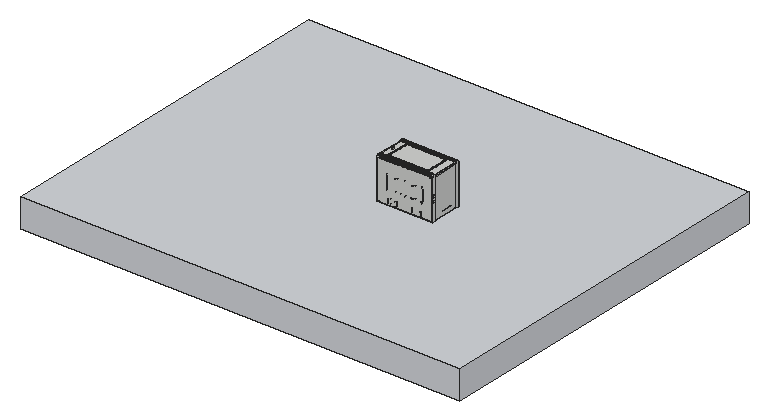
Revit family "ШТ-НСр 600х450", category Обобщенные модели, Revit 2019 (continued)
Definition of nested family "Крышка 450"
  Automatic sketch dimensions
    Extrusion 4 sketch curve to plane 5 = 0 mm  (x2)
    plane 6 to Extrusion 4 sketch curve = 0 mm  (x2)
    plane 5 to Extrusion 4 sketch curve = 3.029 mm
    Extrusion 4 sketch curve to Extrusion 4 sketch curve = 0 mm  (x2)
    Extrusion 5 sketch curve to plane 4 = 0 mm  (x2)
    plane 6 to Extrusion 5 sketch curve = 0 mm  (x2)
    plane 4 to Extrusion 5 sketch curve = 3.029 mm
    Extrusion 5 sketch curve to Extrusion 5 sketch curve = 0 mm  (x2)
    curve 1 to plane 3 "По центру (Влево/Вправо)" = 1.5 mm
    plane 3 "По центру (Влево/Вправо)" to curve 1 = 1.5 mm
    plane 6 to curve 1 = 22.104 mm
    plane 6 to Extrusion 6 sketch curve = 33.804 mm
    plane 6 to Extrusion 6 sketch curve = 11.804 mm
    level to Extrusion 6 sketch curve = 28.5 mm
    Extrusion 6 sketch curve to Extrusion 6 sketch curve = 1.747 mm
    Extrusion 7 sketch curve to plane 3 "По центру (Влево/Вправо)" = 0 mm  (x2)
    Extrusion 7 sketch curve to plane 3 "По центру (Влево/Вправо)" = 80 mm
    Extrusion 7 sketch curve to Extrusion 7 sketch curve = 2 mm  (x16)
    Extrusion 7 sketch curve to Extrusion 7 sketch curve = 1 mm  (x10)
    Extrusion 7 sketch curve to plane 3 "По центру (Влево/Вправо)" = 100 mm  (x2)
    Extrusion 7 sketch curve to Extrusion 7 sketch curve = 94 mm  (x2)
    level to Extrusion 7 sketch curve = 15 mm  (x2)
    Extrusion 7 sketch curve to Extrusion 7 sketch curve = 0 mm  (x17)
    Extrusion 7 sketch curve to Extrusion 7 sketch curve = 9.7 mm  (x2)
    Extrusion 7 sketch curve to Extrusion 7 sketch curve = 88.7 mm  (x2)
    Extrusion 7 sketch curve to Extrusion 7 sketch curve = 3.3 mm  (x3)
    plane 3 "По центру (Влево/Вправо)" to Extrusion 7 sketch curve = 80 mm
    plane 3 "По центру (Влево/Вправо)" to Extrusion 7 sketch curve = 100 mm  (x2)
    Extrusion 7 sketch curve to Extrusion 7 sketch curve = 46 mm  (x2)
    Extrusion 7 sketch curve to Extrusion 7 sketch curve = 84.518 mm  (x3)
    Extrusion 7 sketch curve to Extrusion 7 sketch curve = 12.5 mm  (x5)
    Extrusion 7 sketch curve to Extrusion 7 sketch curve = 60 mm  (x4)
    plane 8 to Extrusion 8 sketch curve = 3.875 mm
    plane 6 to Extrusion 8 sketch curve = 40 mm
    Extrusion 8 sketch curve to Extrusion 8 sketch curve = 0.847 mm  (x2)
    level to Extrusion 8 sketch curve = 0.911 mm
    Extrusion 8 sketch curve to Extrusion 8 sketch curve = 3 mm  (x2)
    Extrusion 8 sketch curve to Extrusion 8 sketch curve = 17.812 mm
    plane 8 to Extrusion 8 sketch curve = 1.753 mm
    Extrusion 8 sketch curve to Extrusion 8 sketch curve = 2.121 mm
    plane 6 to Extrusion 8 sketch curve = 4 mm
    plane 6 to Extrusion 8 sketch curve = 3.997 mm
    plane 6 to Extrusion 8 sketch curve = 1.878 mm
    plane 6 to Extrusion 8 sketch curve = 1 mm
    plane 8 to Extrusion 8 sketch curve = 18.215 mm
    curve 3 to plane 8 = 0 mm
    curve 3 to level = 0 mm
    curve 2 to plane 8 = 0 mm
    curve 2 to level = 0 mm
    plane 5 to curve 3 = 1 mm
    curve 2 to plane 4 = 1 mm
    plane 6 to Extrusion 9 sketch curve = 33.804 mm
    plane 6 to Extrusion 9 sketch curve = 11.804 mm
    level to Extrusion 9 sketch curve = 38.5 mm
    Extrusion 9 sketch curve to Extrusion 9 sketch curve = 1.747 mm
    plane 6 to Extrusion 10 sketch curve = 33.804 mm
    plane 6 to Extrusion 10 sketch curve = 11.804 mm
    level to Extrusion 10 sketch curve = 48.5 mm
    Extrusion 10 sketch curve to Extrusion 10 sketch curve = 1.747 mm
    plane 6 to Extrusion 11 sketch curve = 33.804 mm
    plane 6 to Extrusion 11 sketch curve = 11.804 mm
    level to Extrusion 11 sketch curve = 58.5 mm
    Extrusion 11 sketch curve to Extrusion 11 sketch curve = 1.747 mm
    plane 6 to Extrusion 12 sketch curve = 33.804 mm
    plane 6 to Extrusion 12 sketch curve = 11.804 mm
    level to Extrusion 12 sketch curve = 68.5 mm
    Extrusion 12 sketch curve to Extrusion 12 sketch curve = 1.747 mm
    plane 6 to Extrusion 13 sketch curve = 33.804 mm
    plane 6 to Extrusion 13 sketch curve = 11.804 mm
    level to Extrusion 13 sketch curve = 78.5 mm
    Extrusion 13 sketch curve to Extrusion 13 sketch curve = 1.747 mm
    plane 6 to Extrusion 14 sketch curve = 33.804 mm
    plane 6 to Extrusion 14 sketch curve = 11.804 mm
    level to Extrusion 14 sketch curve = 88.5 mm
    Extrusion 14 sketch curve to Extrusion 14 sketch curve = 1.747 mm
    plane 6 to Extrusion 15 sketch curve = 33.804 mm
    plane 6 to Extrusion 15 sketch curve = 11.804 mm
    level to Extrusion 15 sketch curve = 98.5 mm
    Extrusion 15 sketch curve to Extrusion 15 sketch curve = 1.747 mm
    plane 6 to Extrusion 16 sketch curve = 33.804 mm
    plane 6 to Extrusion 16 sketch curve = 11.804 mm
    level to Extrusion 16 sketch curve = 108.5 mm
    Extrusion 16 sketch curve to Extrusion 16 sketch curve = 1.747 mm
    plane 6 to Extrusion 17 sketch curve = 33.804 mm
    plane 6 to Extrusion 17 sketch curve = 11.804 mm
    level to Extrusion 17 sketch curve = 118.5 mm
    Extrusion 17 sketch curve to Extrusion 17 sketch curve = 1.747 mm
    plane 6 to Extrusion 18 sketch curve = 33.804 mm
    plane 6 to Extrusion 18 sketch curve = 11.804 mm
    level to Extrusion 18 sketch curve = 128.5 mm
    Extrusion 18 sketch curve to Extrusion 18 sketch curve = 1.747 mm
    plane 6 to Extrusion 19 sketch curve = 33.804 mm
    plane 6 to Extrusion 19 sketch curve = 11.804 mm
    level to Extrusion 19 sketch curve = 138.5 mm
    Extrusion 19 sketch curve to Extrusion 19 sketch curve = 1.747 mm
    plane 6 to Extrusion 20 sketch curve = 33.804 mm
    plane 6 to Extrusion 20 sketch curve = 11.804 mm
    level to Extrusion 20 sketch curve = 148.5 mm
    Extrusion 20 sketch curve to Extrusion 20 sketch curve = 1.747 mm
    plane 6 to Extrusion 21 sketch curve = 33.804 mm
    plane 6 to Extrusion 21 sketch curve = 11.804 mm
    level to Extrusion 21 sketch curve = 158.5 mm
    Extrusion 21 sketch curve to Extrusion 21 sketch curve = 1.747 mm
    plane 6 to Extrusion 22 sketch curve = 33.804 mm
    plane 6 to Extrusion 22 sketch curve = 11.804 mm
    level to Extrusion 22 sketch curve = 168.5 mm
    Extrusion 22 sketch curve to Extrusion 22 sketch curve = 1.747 mm
    plane 6 to Extrusion 23 sketch curve = 33.804 mm
    plane 6 to Extrusion 23 sketch curve = 11.804 mm
    plane 8 to Extrusion 23 sketch curve = 171.5 mm
    Extrusion 23 sketch curve to Extrusion 23 sketch curve = 1.747 mm
    plane 6 to Extrusion 24 sketch curve = 33.804 mm
    plane 6 to Extrusion 24 sketch curve = 11.804 mm
    plane 8 to Extrusion 24 sketch curve = 161.5 mm
    Extrusion 24 sketch curve to Extrusion 24 sketch curve = 1.747 mm
    plane 6 to Extrusion 25 sketch curve = 33.804 mm
    plane 6 to Extrusion 25 sketch curve = 11.804 mm
    plane 8 to Extrusion 25 sketch curve = 151.5 mm
    Extrusion 25 sketch curve to Extrusion 25 sketch curve = 1.747 mm
    plane 6 to Extrusion 26 sketch curve = 33.804 mm
    plane 6 to Extrusion 26 sketch curve = 11.804 mm
    plane 8 to Extrusion 26 sketch curve = 141.5 mm
    Extrusion 26 sketch curve to Extrusion 26 sketch curve = 1.747 mm
    plane 6 to Extrusion 27 sketch curve = 33.804 mm
    plane 6 to Extrusion 27 sketch curve = 11.804 mm
    plane 8 to Extrusion 27 sketch curve = 131.5 mm
    Extrusion 27 sketch curve to Extrusion 27 sketch curve = 1.747 mm
    plane 6 to Extrusion 28 sketch curve = 33.804 mm
    plane 6 to Extrusion 28 sketch curve = 11.804 mm
    plane 8 to Extrusion 28 sketch curve = 121.5 mm
    Extrusion 28 sketch curve to Extrusion 28 sketch curve = 1.747 mm
    plane 6 to Extrusion 29 sketch curve = 33.804 mm
    plane 6 to Extrusion 29 sketch curve = 11.804 mm
    plane 8 to Extrusion 29 sketch curve = 111.5 mm
    Extrusion 29 sketch curve to Extrusion 29 sketch curve = 1.747 mm
    plane 6 to Extrusion 30 sketch curve = 33.804 mm
    plane 6 to Extrusion 30 sketch curve = 11.804 mm
    plane 8 to Extrusion 30 sketch curve = 101.5 mm
    Extrusion 30 sketch curve to Extrusion 30 sketch curve = 1.747 mm
    plane 6 to Extrusion 31 sketch curve = 33.804 mm
    plane 6 to Extrusion 31 sketch curve = 11.804 mm
    plane 8 to Extrusion 31 sketch curve = 91.5 mm
    Extrusion 31 sketch curve to Extrusion 31 sketch curve = 1.747 mm
    plane 6 to Extrusion 32 sketch curve = 33.804 mm
    plane 6 to Extrusion 32 sketch curve = 11.804 mm
    plane 8 to Extrusion 32 sketch curve = 81.5 mm
    Extrusion 32 sketch curve to Extrusion 32 sketch curve = 1.747 mm
    plane 6 to Extrusion 33 sketch curve = 33.804 mm
    plane 6 to Extrusion 33 sketch curve = 11.804 mm
    plane 8 to Extrusion 33 sketch curve = 71.5 mm
    Extrusion 33 sketch curve to Extrusion 33 sketch curve = 1.747 mm
    plane 6 to Extrusion 34 sketch curve = 33.804 mm
    plane 6 to Extrusion 34 sketch curve = 11.804 mm
    plane 8 to Extrusion 34 sketch curve = 61.5 mm
    Extrusion 34 sketch curve to Extrusion 34 sketch curve = 1.747 mm
    plane 6 to Extrusion 35 sketch curve = 33.804 mm
    plane 6 to Extrusion 35 sketch curve = 11.804 mm
    plane 8 to Extrusion 35 sketch curve = 51.5 mm
    Extrusion 35 sketch curve to Extrusion 35 sketch curve = 1.747 mm
    plane 6 to Extrusion 36 sketch curve = 33.804 mm
    plane 6 to Extrusion 36 sketch curve = 11.804 mm
    plane 8 to Extrusion 36 sketch curve = 41.5 mm
    Extrusion 36 sketch curve to Extrusion 36 sketch curve = 1.747 mm
    plane 6 to Extrusion 37 sketch curve = 33.804 mm
    plane 6 to Extrusion 37 sketch curve = 11.804 mm
    plane 8 to Extrusion 37 sketch curve = 31.5 mm
    Extrusion 37 sketch curve to Extrusion 37 sketch curve = 1.747 mm
    plane 6 to Extrusion 38 sketch curve = 33.804 mm
    plane 6 to Extrusion 38 sketch curve = 11.804 mm
    plane 8 to Extrusion 38 sketch curve = 118.007 mm
    Extrusion 38 sketch curve to Extrusion 38 sketch curve = 1.747 mm
    plane 6 to Extrusion 39 sketch curve = 33.804 mm
    plane 6 to Extrusion 39 sketch curve = 11.804 mm
    plane 8 to Extrusion 39 sketch curve = 108.007 mm
    Extrusion 39 sketch curve to Extrusion 39 sketch curve = 1.747 mm
    plane 6 to Extrusion 40 sketch curve = 33.804 mm
    plane 6 to Extrusion 40 sketch curve = 11.804 mm
    plane 8 to Extrusion 40 sketch curve = 98.007 mm
    Extrusion 40 sketch curve to Extrusion 40 sketch curve = 1.747 mm
    plane 6 to Extrusion 41 sketch curve = 33.804 mm
    plane 6 to Extrusion 41 sketch curve = 11.804 mm
    plane 8 to Extrusion 41 sketch curve = 88.007 mm
    Extrusion 41 sketch curve to Extrusion 41 sketch curve = 1.747 mm
    plane 6 to Extrusion 42 sketch curve = 33.804 mm
    plane 6 to Extrusion 42 sketch curve = 11.804 mm
    plane 8 to Extrusion 42 sketch curve = 78.007 mm
    Extrusion 42 sketch curve to Extrusion 42 sketch curve = 1.747 mm
    plane 6 to Extrusion 43 sketch curve = 33.804 mm
    plane 6 to Extrusion 43 sketch curve = 11.804 mm
    plane 8 to Extrusion 43 sketch curve = 68.007 mm
    Extrusion 43 sketch curve to Extrusion 43 sketch curve = 1.747 mm
    plane 6 to Extrusion 44 sketch curve = 33.804 mm
    plane 6 to Extrusion 44 sketch curve = 11.804 mm
    plane 8 to Extrusion 44 sketch curve = 58.007 mm
    Extrusion 44 sketch curve to Extrusion 44 sketch curve = 1.747 mm
    plane 6 to Extrusion 45 sketch curve = 33.804 mm
    plane 6 to Extrusion 45 sketch curve = 11.804 mm
    plane 8 to Extrusion 45 sketch curve = 48.007 mm
    Extrusion 45 sketch curve to Extrusion 45 sketch curve = 1.747 mm
    plane 6 to Extrusion 46 sketch curve = 33.804 mm
    plane 6 to Extrusion 46 sketch curve = 11.804 mm
    plane 8 to Extrusion 46 sketch curve = 38.007 mm
    Extrusion 46 sketch curve to Extrusion 46 sketch curve = 1.747 mm
    plane 6 to Extrusion 47 sketch curve = 33.804 mm
    plane 6 to Extrusion 47 sketch curve = 11.804 mm
    plane 8 to Extrusion 47 sketch curve = 28.007 mm
    Extrusion 47 sketch curve to Extrusion 47 sketch curve = 1.747 mm
    plane 6 to Extrusion 48 sketch curve = 33.804 mm
    plane 6 to Extrusion 48 sketch curve = 11.804 mm
    plane 8 to Extrusion 48 sketch curve = 168.007 mm
    Extrusion 48 sketch curve to Extrusion 48 sketch curve = 1.747 mm
    plane 6 to Extrusion 49 sketch curve = 33.804 mm
    plane 6 to Extrusion 49 sketch curve = 11.804 mm
    plane 8 to Extrusion 49 sketch curve = 158.007 mm
    Extrusion 49 sketch curve to Extrusion 49 sketch curve = 1.747 mm
    plane 6 to Extrusion 50 sketch curve = 33.804 mm
    plane 6 to Extrusion 50 sketch curve = 11.804 mm
    plane 8 to Extrusion 50 sketch curve = 148.007 mm
    Extrusion 50 sketch curve to Extrusion 50 sketch curve = 1.747 mm
    plane 6 to Extrusion 51 sketch curve = 33.804 mm
    plane 6 to Extrusion 51 sketch curve = 11.804 mm
    plane 8 to Extrusion 51 sketch curve = 138.007 mm
    Extrusion 51 sketch curve to Extrusion 51 sketch curve = 1.747 mm
    plane 6 to Extrusion 52 sketch curve = 33.804 mm
    plane 6 to Extrusion 52 sketch curve = 11.804 mm
    plane 8 to Extrusion 52 sketch curve = 128.007 mm
    Extrusion 52 sketch curve to Extrusion 52 sketch curve = 1.747 mm
    plane 6 to Extrusion 53 sketch curve = 33.804 mm
    plane 6 to Extrusion 53 sketch curve = 11.804 mm
    level to Extrusion 53 sketch curve = 131.993 mm
    Extrusion 53 sketch curve to Extrusion 53 sketch curve = 1.747 mm
    plane 6 to Extrusion 54 sketch curve = 33.804 mm
    plane 6 to Extrusion 54 sketch curve = 11.804 mm
    level to Extrusion 54 sketch curve = 141.993 mm
    Extrusion 54 sketch curve to Extrusion 54 sketch curve = 1.747 mm
    plane 6 to Extrusion 55 sketch curve = 33.804 mm
    plane 6 to Extrusion 55 sketch curve = 11.804 mm
    level to Extrusion 55 sketch curve = 151.993 mm
    Extrusion 55 sketch curve to Extrusion 55 sketch curve = 1.747 mm
    plane 6 to Extrusion 56 sketch curve = 33.804 mm
    plane 6 to Extrusion 56 sketch curve = 11.804 mm
    level to Extrusion 56 sketch curve = 161.993 mm
    Extrusion 56 sketch curve to Extrusion 56 sketch curve = 1.747 mm
    plane 6 to Extrusion 57 sketch curve = 33.804 mm
    plane 6 to Extrusion 57 sketch curve = 11.804 mm
    level to Extrusion 57 sketch curve = 171.993 mm
    Extrusion 57 sketch curve to Extrusion 57 sketch curve = 1.747 mm
    plane 6 to Extrusion 58 sketch curve = 33.804 mm
    plane 6 to Extrusion 58 sketch curve = 11.804 mm
    level to Extrusion 58 sketch curve = 81.993 mm
    Extrusion 58 sketch curve to Extrusion 58 sketch curve = 1.747 mm
    plane 6 to Extrusion 59 sketch curve = 33.804 mm
    plane 6 to Extrusion 59 sketch curve = 11.804 mm
    level to Extrusion 59 sketch curve = 91.993 mm
    Extrusion 59 sketch curve to Extrusion 59 sketch curve = 1.747 mm
    plane 6 to Extrusion 60 sketch curve = 33.804 mm
    plane 6 to Extrusion 60 sketch curve = 11.804 mm
    level to Extrusion 60 sketch curve = 101.993 mm
    Extrusion 60 sketch curve to Extrusion 60 sketch curve = 1.747 mm
    plane 6 to Extrusion 61 sketch curve = 33.804 mm
    plane 6 to Extrusion 61 sketch curve = 11.804 mm
    level to Extrusion 61 sketch curve = 111.993 mm
    Extrusion 61 sketch curve to Extrusion 61 sketch curve = 1.747 mm
    plane 6 to Extrusion 62 sketch curve = 33.804 mm
    plane 6 to Extrusion 62 sketch curve = 11.804 mm
    level to Extrusion 62 sketch curve = 121.993 mm
    Extrusion 62 sketch curve to Extrusion 62 sketch curve = 1.747 mm
    plane 6 to Extrusion 63 sketch curve = 33.804 mm
    plane 6 to Extrusion 63 sketch curve = 11.804 mm
    level to Extrusion 63 sketch curve = 31.993 mm
    Extrusion 63 sketch curve to Extrusion 63 sketch curve = 1.747 mm
    plane 6 to Extrusion 64 sketch curve = 33.804 mm
    plane 6 to Extrusion 64 sketch curve = 11.804 mm
    level to Extrusion 64 sketch curve = 41.993 mm
    Extrusion 64 sketch curve to Extrusion 64 sketch curve = 1.747 mm
    plane 6 to Extrusion 65 sketch curve = 33.804 mm
    plane 6 to Extrusion 65 sketch curve = 11.804 mm
    level to Extrusion 65 sketch curve = 51.993 mm
    Extrusion 65 sketch curve to Extrusion 65 sketch curve = 1.747 mm
    plane 6 to Extrusion 66 sketch curve = 33.804 mm
    plane 6 to Extrusion 66 sketch curve = 11.804 mm
    level to Extrusion 66 sketch curve = 61.993 mm
    Extrusion 66 sketch curve to Extrusion 66 sketch curve = 1.747 mm
    plane 6 to Extrusion 67 sketch curve = 33.804 mm
    plane 6 to Extrusion 67 sketch curve = 11.804 mm
    level to Extrusion 67 sketch curve = 71.993 mm
    Extrusion 67 sketch curve to Extrusion 67 sketch curve = 1.747 mm
    plane 6 to Extrusion 68 sketch curve = 10.404 mm
    plane 5 to Extrusion 68 sketch curve = 38.5 mm
    Extrusion 68 sketch curve to Extrusion 68 sketch curve = 1.5 mm
    Extrusion 68 sketch curve to Extrusion 68 sketch curve = 23.4 mm
    plane 6 to Extrusion 69 sketch curve = 10.404 mm
    plane 5 to Extrusion 69 sketch curve = 48.5 mm
    Extrusion 69 sketch curve to Extrusion 69 sketch curve = 1.5 mm
    Extrusion 69 sketch curve to Extrusion 69 sketch curve = 23.4 mm
    plane 6 to Extrusion 70 sketch curve = 10.404 mm
    plane 5 to Extrusion 70 sketch curve = 58.5 mm
    Extrusion 70 sketch curve to Extrusion 70 sketch curve = 1.5 mm
    Extrusion 70 sketch curve to Extrusion 70 sketch curve = 23.4 mm
    plane 6 to Extrusion 71 sketch curve = 10.404 mm
    plane 5 to Extrusion 71 sketch curve = 68.5 mm
    Extrusion 71 sketch curve to Extrusion 71 sketch curve = 1.5 mm
    Extrusion 71 sketch curve to Extrusion 71 sketch curve = 23.4 mm
    plane 6 to Extrusion 72 sketch curve = 10.404 mm
    plane 5 to Extrusion 72 sketch curve = 78.5 mm
    Extrusion 72 sketch curve to Extrusion 72 sketch curve = 1.5 mm
    Extrusion 72 sketch curve to Extrusion 72 sketch curve = 23.4 mm
    plane 6 to Extrusion 73 sketch curve = 10.404 mm
    plane 5 to Extrusion 73 sketch curve = 88.5 mm
    Extrusion 73 sketch curve to Extrusion 73 sketch curve = 1.5 mm
    Extrusion 73 sketch curve to Extrusion 73 sketch curve = 23.4 mm
    plane 6 to Extrusion 74 sketch curve = 10.404 mm
    plane 5 to Extrusion 74 sketch curve = 98.5 mm
    Extrusion 74 sketch curve to Extrusion 74 sketch curve = 1.5 mm
    Extrusion 74 sketch curve to Extrusion 74 sketch curve = 23.4 mm
    plane 6 to Extrusion 75 sketch curve = 10.404 mm
    plane 5 to Extrusion 75 sketch curve = 108.5 mm
    Extrusion 75 sketch curve to Extrusion 75 sketch curve = 1.5 mm
    Extrusion 75 sketch curve to Extrusion 75 sketch curve = 23.4 mm
    plane 6 to Extrusion 76 sketch curve = 10.404 mm
    plane 5 to Extrusion 76 sketch curve = 118.5 mm
    Extrusion 76 sketch curve to Extrusion 76 sketch curve = 1.5 mm
    Extrusion 76 sketch curve to Extrusion 76 sketch curve = 23.4 mm
    plane 6 to Extrusion 77 sketch curve = 10.404 mm
    plane 5 to Extrusion 77 sketch curve = 128.5 mm
    Extrusion 77 sketch curve to Extrusion 77 sketch curve = 1.5 mm
    Extrusion 77 sketch curve to Extrusion 77 sketch curve = 23.4 mm
    plane 6 to Extrusion 78 sketch curve = 10.404 mm
    plane 5 to Extrusion 78 sketch curve = 138.5 mm
    Extrusion 78 sketch curve to Extrusion 78 sketch curve = 1.5 mm
    Extrusion 78 sketch curve to Extrusion 78 sketch curve = 23.4 mm
    plane 6 to Extrusion 79 sketch curve = 10.404 mm
    plane 5 to Extrusion 79 sketch curve = 148.5 mm
    Extrusion 79 sketch curve to Extrusion 79 sketch curve = 1.5 mm
    Extrusion 79 sketch curve to Extrusion 79 sketch curve = 23.4 mm
    plane 6 to Extrusion 80 sketch curve = 10.404 mm
    Extrusion 80 sketch curve to plane 3 "По центру (Влево/Вправо)" = 141.5 mm
    Extrusion 80 sketch curve to Extrusion 80 sketch curve = 1.5 mm
    Extrusion 80 sketch curve to Extrusion 80 sketch curve = 23.4 mm
    plane 6 to Extrusion 81 sketch curve = 10.404 mm
    Extrusion 81 sketch curve to plane 3 "По центру (Влево/Вправо)" = 131.5 mm
    Extrusion 81 sketch curve to Extrusion 81 sketch curve = 1.5 mm
    Extrusion 81 sketch curve to Extrusion 81 sketch curve = 23.4 mm
    plane 6 to Extrusion 82 sketch curve = 10.404 mm
    Extrusion 82 sketch curve to plane 3 "По центру (Влево/Вправо)" = 121.5 mm
    Extrusion 82 sketch curve to Extrusion 82 sketch curve = 1.5 mm
    Extrusion 82 sketch curve to Extrusion 82 sketch curve = 23.4 mm
    plane 6 to Extrusion 83 sketch curve = 10.404 mm
    Extrusion 83 sketch curve to plane 3 "По центру (Влево/Вправо)" = 111.5 mm
    Extrusion 83 sketch curve to Extrusion 83 sketch curve = 1.5 mm
    Extrusion 83 sketch curve to Extrusion 83 sketch curve = 23.4 mm
    plane 6 to Extrusion 84 sketch curve = 10.404 mm
    Extrusion 84 sketch curve to plane 3 "По центру (Влево/Вправо)" = 101.5 mm
    Extrusion 84 sketch curve to Extrusion 84 sketch curve = 1.5 mm
    Extrusion 84 sketch curve to Extrusion 84 sketch curve = 23.4 mm
    plane 6 to Extrusion 85 sketch curve = 10.404 mm
    Extrusion 85 sketch curve to plane 3 "По центру (Влево/Вправо)" = 91.5 mm
    Extrusion 85 sketch curve to Extrusion 85 sketch curve = 1.5 mm
    Extrusion 85 sketch curve to Extrusion 85 sketch curve = 23.4 mm
    plane 6 to Extrusion 86 sketch curve = 10.404 mm
    Extrusion 86 sketch curve to plane 3 "По центру (Влево/Вправо)" = 81.5 mm
    Extrusion 86 sketch curve to Extrusion 86 sketch curve = 1.5 mm
    Extrusion 86 sketch curve to Extrusion 86 sketch curve = 23.4 mm
    plane 6 to Extrusion 87 sketch curve = 10.404 mm
    Extrusion 87 sketch curve to plane 3 "По центру (Влево/Вправо)" = 71.5 mm
    Extrusion 87 sketch curve to Extrusion 87 sketch curve = 1.5 mm
    Extrusion 87 sketch curve to Extrusion 87 sketch curve = 23.4 mm
    plane 6 to Extrusion 88 sketch curve = 10.404 mm
    Extrusion 88 sketch curve to plane 3 "По центру (Влево/Вправо)" = 61.5 mm
    Extrusion 88 sketch curve to Extrusion 88 sketch curve = 1.5 mm
    Extrusion 88 sketch curve to Extrusion 88 sketch curve = 23.4 mm
    plane 6 to Extrusion 89 sketch curve = 10.404 mm
    Extrusion 89 sketch curve to plane 3 "По центру (Влево/Вправо)" = 51.5 mm
    Extrusion 89 sketch curve to Extrusion 89 sketch curve = 1.5 mm
    Extrusion 89 sketch curve to Extrusion 89 sketch curve = 23.4 mm
    plane 6 to Extrusion 90 sketch curve = 10.404 mm
    Extrusion 90 sketch curve to plane 3 "По центру (Влево/Вправо)" = 41.5 mm
    Extrusion 90 sketch curve to Extrusion 90 sketch curve = 1.5 mm
    Extrusion 90 sketch curve to Extrusion 90 sketch curve = 23.4 mm
    plane 6 to Extrusion 91 sketch curve = 10.404 mm
    Extrusion 91 sketch curve to plane 3 "По центру (Влево/Вправо)" = 31.5 mm
    Extrusion 91 sketch curve to Extrusion 91 sketch curve = 1.5 mm
    Extrusion 91 sketch curve to Extrusion 91 sketch curve = 23.4 mm
    Extrusion 92 sketch curve to plane 3 "По центру (Влево/Вправо)" = 21.5 mm
    Extrusion 92 sketch curve to Extrusion 92 sketch curve = 1.5 mm
    plane 6 to Extrusion 92 sketch curve = 33.804 mm
    plane 6 to Extrusion 92 sketch curve = 10.404 mm
    Extrusion 93 sketch curve to plane 3 "По центру (Влево/Вправо)" = 11.5 mm
    Extrusion 93 sketch curve to Extrusion 93 sketch curve = 1.5 mm
    plane 6 to Extrusion 93 sketch curve = 33.804 mm
    plane 6 to Extrusion 93 sketch curve = 10.404 mm
    Extrusion 94 sketch curve to plane 3 "По центру (Влево/Вправо)" = 0 mm
    Extrusion 94 sketch curve to Extrusion 94 sketch curve = 1.5 mm
    plane 6 to Extrusion 94 sketch curve = 33.804 mm
    plane 6 to Extrusion 94 sketch curve = 10.404 mm
    plane 3 "По центру (Влево/Вправо)" to Extrusion 95 sketch curve = 8.5 mm
    Extrusion 95 sketch curve to Extrusion 95 sketch curve = 1.5 mm
    plane 6 to Extrusion 95 sketch curve = 33.804 mm
    plane 6 to Extrusion 95 sketch curve = 10.404 mm
    plane 3 "По центру (Влево/Вправо)" to Extrusion 96 sketch curve = 18.5 mm
    Extrusion 96 sketch curve to Extrusion 96 sketch curve = 1.5 mm
    plane 6 to Extrusion 96 sketch curve = 33.804 mm
    plane 6 to Extrusion 96 sketch curve = 10.404 mm
    plane 3 "По центру (Влево/Вправо)" to Extrusion 97 sketch curve = 28.5 mm
    Extrusion 97 sketch curve to Extrusion 97 sketch curve = 1.5 mm
    plane 6 to Extrusion 97 sketch curve = 33.804 mm
    plane 6 to Extrusion 97 sketch curve = 10.404 mm
    plane 6 to Extrusion 98 sketch curve = 10.404 mm
    plane 3 "По центру (Влево/Вправо)" to Extrusion 98 sketch curve = 38.5 mm
    Extrusion 98 sketch curve to Extrusion 98 sketch curve = 1.5 mm
    Extrusion 98 sketch curve to Extrusion 98 sketch curve = 23.4 mm
    plane 6 to Extrusion 99 sketch curve = 10.404 mm
    plane 3 "По центру (Влево/Вправо)" to Extrusion 99 sketch curve = 48.5 mm
    Extrusion 99 sketch curve to Extrusion 99 sketch curve = 1.5 mm
    Extrusion 99 sketch curve to Extrusion 99 sketch curve = 23.4 mm
    plane 6 to Extrusion 100 sketch curve = 10.404 mm
    plane 3 "По центру (Влево/Вправо)" to Extrusion 100 sketch curve = 58.5 mm
    Extrusion 100 sketch curve to Extrusion 100 sketch curve = 1.5 mm
    Extrusion 100 sketch curve to Extrusion 100 sketch curve = 23.4 mm
    plane 6 to Extrusion 101 sketch curve = 10.404 mm
    plane 3 "По центру (Влево/Вправо)" to Extrusion 101 sketch curve = 68.5 mm
    Extrusion 101 sketch curve to Extrusion 101 sketch curve = 1.5 mm
    Extrusion 101 sketch curve to Extrusion 101 sketch curve = 23.4 mm
    plane 6 to Extrusion 102 sketch curve = 10.404 mm
    plane 3 "По центру (Влево/Вправо)" to Extrusion 102 sketch curve = 78.5 mm
    Extrusion 102 sketch curve to Extrusion 102 sketch curve = 1.5 mm
    Extrusion 102 sketch curve to Extrusion 102 sketch curve = 23.4 mm
    plane 6 to Extrusion 103 sketch curve = 10.404 mm
    plane 3 "По центру (Влево/Вправо)" to Extrusion 103 sketch curve = 88.5 mm
    Extrusion 103 sketch curve to Extrusion 103 sketch curve = 1.5 mm
    Extrusion 103 sketch curve to Extrusion 103 sketch curve = 23.4 mm
    plane 6 to Extrusion 104 sketch curve = 10.404 mm
    plane 3 "По центру (Влево/Вправо)" to Extrusion 104 sketch curve = 98.5 mm
    Extrusion 104 sketch curve to Extrusion 104 sketch curve = 1.5 mm
    Extrusion 104 sketch curve to Extrusion 104 sketch curve = 23.4 mm
    plane 6 to Extrusion 105 sketch curve = 10.404 mm
    plane 3 "По центру (Влево/Вправо)" to Extrusion 105 sketch curve = 108.5 mm
    Extrusion 105 sketch curve to Extrusion 105 sketch curve = 1.5 mm
    Extrusion 105 sketch curve to Extrusion 105 sketch curve = 23.4 mm
    plane 6 to Extrusion 106 sketch curve = 10.404 mm
    plane 3 "По центру (Влево/Вправо)" to Extrusion 106 sketch curve = 118.5 mm
    Extrusion 106 sketch curve to Extrusion 106 sketch curve = 1.5 mm
    Extrusion 106 sketch curve to Extrusion 106 sketch curve = 23.4 mm
    plane 6 to Extrusion 107 sketch curve = 10.404 mm
    plane 3 "По центру (Влево/Вправо)" to Extrusion 107 sketch curve = 128.5 mm
    Extrusion 107 sketch curve to Extrusion 107 sketch curve = 1.5 mm
    Extrusion 107 sketch curve to Extrusion 107 sketch curve = 23.4 mm
    plane 6 to Extrusion 108 sketch curve = 10.404 mm
    plane 3 "По центру (Влево/Вправо)" to Extrusion 108 sketch curve = 138.5 mm
    Extrusion 108 sketch curve to Extrusion 108 sketch curve = 1.5 mm
    Extrusion 108 sketch curve to Extrusion 108 sketch curve = 23.4 mm
    plane 6 to Extrusion 109 sketch curve = 10.404 mm
    plane 3 "По центру (Влево/Вправо)" to Extrusion 109 sketch curve = 148.5 mm
    Extrusion 109 sketch curve to Extrusion 109 sketch curve = 1.5 mm
    Extrusion 109 sketch curve to Extrusion 109 sketch curve = 23.4 mm
    plane 6 to Extrusion 110 sketch curve = 10.404 mm
    Extrusion 110 sketch curve to plane 4 = 141.5 mm
    Extrusion 110 sketch curve to Extrusion 110 sketch curve = 1.5 mm
    Extrusion 110 sketch curve to Extrusion 110 sketch curve = 23.4 mm
    plane 6 to Extrusion 111 sketch curve = 10.404 mm
    Extrusion 111 sketch curve to plane 4 = 131.5 mm
    Extrusion 111 sketch curve to Extrusion 111 sketch curve = 1.5 mm
    Extrusion 111 sketch curve to Extrusion 111 sketch curve = 23.4 mm
    plane 6 to Extrusion 112 sketch curve = 10.404 mm
    Extrusion 112 sketch curve to plane 4 = 121.5 mm
    Extrusion 112 sketch curve to Extrusion 112 sketch curve = 1.5 mm
    Extrusion 112 sketch curve to Extrusion 112 sketch curve = 23.4 mm
    plane 6 to Extrusion 113 sketch curve = 10.404 mm
    Extrusion 113 sketch curve to plane 4 = 111.5 mm
    Extrusion 113 sketch curve to Extrusion 113 sketch curve = 1.5 mm
    Extrusion 113 sketch curve to Extrusion 113 sketch curve = 23.4 mm
    plane 6 to Extrusion 114 sketch curve = 10.404 mm
    Extrusion 114 sketch curve to plane 4 = 101.5 mm
    Extrusion 114 sketch curve to Extrusion 114 sketch curve = 1.5 mm
    Extrusion 114 sketch curve to Extrusion 114 sketch curve = 23.4 mm
    plane 6 to Extrusion 115 sketch curve = 10.404 mm
    Extrusion 115 sketch curve to plane 4 = 91.5 mm
    Extrusion 115 sketch curve to Extrusion 115 sketch curve = 1.5 mm
    Extrusion 115 sketch curve to Extrusion 115 sketch curve = 23.4 mm
    plane 6 to Extrusion 116 sketch curve = 10.404 mm
    Extrusion 116 sketch curve to plane 4 = 81.5 mm
    Extrusion 116 sketch curve to Extrusion 116 sketch curve = 1.5 mm
    Extrusion 116 sketch curve to Extrusion 116 sketch curve = 23.4 mm
    plane 6 to Extrusion 117 sketch curve = 10.404 mm
    Extrusion 117 sketch curve to plane 4 = 71.5 mm
    Extrusion 117 sketch curve to Extrusion 117 sketch curve = 1.5 mm
    Extrusion 117 sketch curve to Extrusion 117 sketch curve = 23.4 mm
    plane 6 to Extrusion 118 sketch curve = 10.404 mm
    Extrusion 118 sketch curve to plane 4 = 61.5 mm
    Extrusion 118 sketch curve to Extrusion 118 sketch curve = 1.5 mm
    Extrusion 118 sketch curve to Extrusion 118 sketch curve = 23.4 mm
    plane 6 to Extrusion 119 sketch curve = 10.404 mm
    Extrusion 119 sketch curve to plane 4 = 51.5 mm
    Extrusion 119 sketch curve to Extrusion 119 sketch curve = 1.5 mm
    Extrusion 119 sketch curve to Extrusion 119 sketch curve = 23.4 mm
    plane 6 to Extrusion 120 sketch curve = 10.404 mm
    Extrusion 120 sketch curve to plane 4 = 41.5 mm
    Extrusion 120 sketch curve to Extrusion 120 sketch curve = 1.5 mm
    Extrusion 120 sketch curve to Extrusion 120 sketch curve = 23.4 mm
    plane 6 to Extrusion 121 sketch curve = 10.404 mm
    Extrusion 121 sketch curve to plane 4 = 31.5 mm
    Extrusion 121 sketch curve to Extrusion 121 sketch curve = 1.5 mm
    Extrusion 121 sketch curve to Extrusion 121 sketch curve = 23.4 mm
    plane 6 to Extrusion 122 sketch curve = 33.804 mm
    plane 6 to Extrusion 122 sketch curve = 11.804 mm
    plane 8 to Extrusion 122 sketch curve = 178.007 mm
    Extrusion 122 sketch curve to Extrusion 122 sketch curve = 1.747 mm
    plane 6 to Extrusion 123 sketch curve = 33.804 mm
    plane 6 to Extrusion 123 sketch curve = 11.804 mm
    plane 8 to Extrusion 123 sketch curve = 198.007 mm
    Extrusion 123 sketch curve to Extrusion 123 sketch curve = 1.747 mm
    plane 6 to Extrusion 124 sketch curve = 33.804 mm
    plane 6 to Extrusion 124 sketch curve = 11.804 mm
    plane 8 to Extrusion 124 sketch curve = 188.007 mm
    Extrusion 124 sketch curve to Extrusion 124 sketch curve = 1.747 mm
    plane 6 to Extrusion 125 sketch curve = 33.804 mm
    plane 6 to Extrusion 125 sketch curve = 11.804 mm
    plane 8 to Extrusion 125 sketch curve = 208.007 mm
    Extrusion 125 sketch curve to Extrusion 125 sketch curve = 1.747 mm
    plane 6 to Extrusion 126 sketch curve = 33.804 mm
    plane 6 to Extrusion 126 sketch curve = 11.804 mm
    level to Extrusion 126 sketch curve = 221.993 mm
    Extrusion 126 sketch curve to Extrusion 126 sketch curve = 1.747 mm
    plane 6 to Extrusion 127 sketch curve = 33.804 mm
    plane 6 to Extrusion 127 sketch curve = 11.804 mm
    plane 8 to Extrusion 127 sketch curve = 218.007 mm
    Extrusion 127 sketch curve to Extrusion 127 sketch curve = 1.747 mm
    plane 6 to Extrusion 128 sketch curve = 33.804 mm
    plane 6 to Extrusion 128 sketch curve = 11.804 mm
    level to Extrusion 128 sketch curve = 211.993 mm
    Extrusion 128 sketch curve to Extrusion 128 sketch curve = 1.747 mm
    plane 6 to Extrusion 129 sketch curve = 33.804 mm
    plane 6 to Extrusion 129 sketch curve = 11.804 mm
    level to Extrusion 129 sketch curve = 191.993 mm
    Extrusion 129 sketch curve to Extrusion 129 sketch curve = 1.747 mm
    plane 6 to Extrusion 130 sketch curve = 33.804 mm
    plane 6 to Extrusion 130 sketch curve = 11.804 mm
    level to Extrusion 130 sketch curve = 201.993 mm
    Extrusion 130 sketch curve to Extrusion 130 sketch curve = 1.747 mm
    plane 6 to Extrusion 131 sketch curve = 33.804 mm
    plane 6 to Extrusion 131 sketch curve = 11.804 mm
    level to Extrusion 131 sketch curve = 181.993 mm
    Extrusion 131 sketch curve to Extrusion 131 sketch curve = 1.747 mm
    plane 6 to Extrusion 132 sketch curve = 33.804 mm
    plane 6 to Extrusion 132 sketch curve = 11.804 mm
    plane 8 to Extrusion 132 sketch curve = 221.5 mm
    Extrusion 132 sketch curve to Extrusion 132 sketch curve = 1.747 mm
    plane 6 to Extrusion 133 sketch curve = 33.804 mm
    plane 6 to Extrusion 133 sketch curve = 11.804 mm
    plane 8 to Extrusion 133 sketch curve = 211.5 mm
    Extrusion 133 sketch curve to Extrusion 133 sketch curve = 1.747 mm
    plane 6 to Extrusion 134 sketch curve = 33.804 mm
    plane 6 to Extrusion 134 sketch curve = 11.804 mm
    plane 8 to Extrusion 134 sketch curve = 201.5 mm
    Extrusion 134 sketch curve to Extrusion 134 sketch curve = 1.747 mm
    plane 6 to Extrusion 135 sketch curve = 33.804 mm
    plane 6 to Extrusion 135 sketch curve = 11.804 mm
    plane 8 to Extrusion 135 sketch curve = 191.5 mm
    Extrusion 135 sketch curve to Extrusion 135 sketch curve = 1.747 mm
    plane 6 to Extrusion 136 sketch curve = 33.804 mm
    plane 6 to Extrusion 136 sketch curve = 11.804 mm
    plane 8 to Extrusion 136 sketch curve = 181.5 mm
    Extrusion 136 sketch curve to Extrusion 136 sketch curve = 1.747 mm
    plane 6 to Extrusion 137 sketch curve = 33.804 mm
    plane 6 to Extrusion 137 sketch curve = 11.804 mm
    level to Extrusion 137 sketch curve = 178.5 mm
    Extrusion 137 sketch curve to Extrusion 137 sketch curve = 1.747 mm
    plane 6 to Extrusion 138 sketch curve = 33.804 mm
    plane 6 to Extrusion 138 sketch curve = 11.804 mm
    level to Extrusion 138 sketch curve = 188.5 mm
    Extrusion 138 sketch curve to Extrusion 138 sketch curve = 1.747 mm
    plane 6 to Extrusion 139 sketch curve = 33.804 mm
    plane 6 to Extrusion 139 sketch curve = 11.804 mm
    level to Extrusion 139 sketch curve = 198.5 mm
    Extrusion 139 sketch curve to Extrusion 139 sketch curve = 1.747 mm
    plane 6 to Extrusion 140 sketch curve = 33.804 mm
    plane 6 to Extrusion 140 sketch curve = 11.804 mm
    level to Extrusion 140 sketch curve = 208.5 mm
    Extrusion 140 sketch curve to Extrusion 140 sketch curve = 1.747 mm
    plane 6 to Extrusion 141 sketch curve = 33.804 mm
    plane 6 to Extrusion 141 sketch curve = 11.804 mm
    level to Extrusion 141 sketch curve = 218.5 mm
    Extrusion 141 sketch curve to Extrusion 141 sketch curve = 1.747 mm
    radius of Extrusion 7 sketch curve = 3.3 mm  (x6)
Types (16, lengths in mm): name | Default Elevation | Дверь | Высота двери | ADSK_Этаж | ADSK_Размер_Высота | ADSK_Обозначение | ADSK_Наименование | ADSK_Масса_Текст | ADSK_Марка | ADSK_Код изделия | ADSK_URL страницы изделия
  (no name) | 800 | Дверь_П-6U : Дверь_П-6U | 280 | "-" | 360 | "ШТ-НСр 6U (600х450мм) перфорированная дверь" | "Шкаф телекоммуникационный настенный разборный 19”,6U(600x450), ШТ-НСр-6U-600-450-П дверь перфорированная ССД" | "15,1" | "ШТ-НСр 6U (600х450мм) перфорированная дверь" | "130411-00639" | "https://www.ssd.ru/shkaf-telekommunikatsionnyy-nastennyy-razbornyy-19-6u-600x450-sht-nsr-6u-600-450-p-dver-perforirovan"
  ШТ-НСр 6U (600х450мм) стеклянная дверь | 800 | Дверь_С : Дверь_С | 280 | "-" | 360 | "ШТ-НСр 6U (600х450мм) стеклянная дверь" | "Шкаф телекоммуникационный настенный разборный 19”,6U(600x450), ШТ-НСр-6U-600-450-С дверь стекло ССД" | "15,8" | "ШТ-НСр 6U (600х450мм) стеклянная дверь" | "130411-00637" | "https://www.ssd.ru/shkaf-telekommunikatsionnyy-nastennyy-razbornyy-19-6u-600x450-sht-nsr-6u-600-450-s-dver-steklo"
  ШТ-НСр 6U (600х450мм) металлическая дверь | 800 | Дверь_М : Дверь_М | 280 | "-" | 360 | "ШТ-НСр 6U (600х450мм) металлическая дверь" | "Шкаф телекоммуникационный настенный разборный 19”,6U(600x450), ШТ-НСр-6U-600-450-М дверь металл ССД" | "15,4" | "ШТ-НСр 6U (600х450мм) металлическая дверь\r\nШТ-НСр 6U (600х350мм) металлическая дверь" | "130411-00638" | "https://www.ssd.ru/shkaf-telekommunikatsionnyy-nastennyy-razbornyy-19-6u-600x450-sht-nsr-6u-600-450-m-dver-metall"
  ШТ-НСр 6U (600х450мм) перфорированная дверь | 800 | Дверь_П-6U : Дверь_П-6U | 280 | "-" | 360 | "ШТ-НСр 6U (600х450мм) перфорированная дверь" | "Шкаф телекоммуникационный настенный разборный 19”,6U(600x450), ШТ-НСр-6U-600-450-П дверь перфорированная ССД" | "15,1" | "ШТ-НСр 6U (600х450мм) перфорированная дверь" | "130411-00639" | "https://www.ssd.ru/shkaf-telekommunikatsionnyy-nastennyy-razbornyy-19-6u-600x450-sht-nsr-6u-600-450-p-dver-perforirovan"
  ШТ-НСр 9U (600х450мм) стеклянная дверь | 800 | Дверь_С : Дверь_С | 413 | "-" | 493 | "ШТ-НСр 9U (600х450мм) стеклянная дверь" | "Шкаф телекоммуникационный настенный разборный 19”,9U(600x450), ШТ-НСр-9U-600-450-С дверь стекло ССД" | "18,5" | "ШТ-НСр 9U (600х450мм) стеклянная дверь" | "130411-00640" | "https://www.ssd.ru/shkaf-telekommunikatsionnyy-nastennyy-razbornyy-19-9u-600x450-sht-nsr-9u-600-450-s-dver-steklo"
  ШТ-НСр 9U (600х450мм) металлическая дверь | 800 | Дверь_М : Дверь_М | 413 | "-" | 493 | "ШТ-НСр 9U (600х450мм) металлическая дверь" | "Шкаф телекоммуникационный настенный разборный 19”,9U(600x450), ШТ-НСр-9U-600-450-М дверь металл ССД" | "17,9" | "ШТ-НСр 9U (600х450мм) металлическая дверь" | "130411-00641" | "https://www.ssd.ru/shkaf-telekommunikatsionnyy-nastennyy-razbornyy-19-9u-600x450-sht-nsr-9u-600-450-m-dver-metall"
  ШТ-НСр 9U (600х450мм) перфорированная дверь | 800 | Дверь_П-9U : Дверь_П-9U | 413 | "-" | 493 | "ШТ-НСр 9U (600х450мм) перфорированная дверь" | "Шкаф телекоммуникационный настенный разборный 19”,9U(600x450), ШТ-НСр-9U-600-450-П дверь перфорированная ССД" | "17,6" | "ШТ-НСр 9U (600х450мм) перфорированная дверь" | "130411-00642" | "https://www.ssd.ru/shkaf-telekommunikatsionnyy-nastennyy-razbornyy-19-9u-600x450-sht-nsr-9u-600-450-p-dver-perforirovan"
  ШТ-НСр 12U (600х450мм) стеклянная дверь | 0 | Дверь_С : Дверь_С | 546 | "-" | 626 | "ШТ-НСр 12U (600х450мм) стеклянная дверь" | "Шкаф телекоммуникационный настенный разборный 19”,12U(600x450), ШТ-НСр-12U-600-450-С дверь стекло ССД" | "21,5" | "ШТ-НСр 12U (600х450мм) стеклянная дверь" | "130411-00643" | "https://www.ssd.ru/shkaf-telekommunikatsionnyy-nastennyy-razbornyy-19-12u-600x450-sht-nsr-12u-600-450-s-dver-steklo"
  ШТ-НСр 12U (600х450мм) металлическая двер | 800 | Дверь_М : Дверь_М | 546 | "-" | 626 | "ШТ-НСр 12U (600х450мм) металлическая двер" | "Шкаф телекоммуникационный настенный разборный 19”,12U(600x450), ШТ-НСр-12U-600-450-М дверь металл ССД" | "20,4" | "ШТ-НСр 12U (600х450мм) металлическая двер" | "130411-00644" | "https://www.ssd.ru/shkaf-telekommunikatsionnyy-nastennyy-razbornyy-19-12u-600x450-sht-nsr-12u-600-450-m-dver-metall"
  ШТ-НСр 12U (600х450мм) перфорированная дверь | 800 | Дверь_П-12U : Дверь_П-12U | 546 | "-" | 626 | "ШТ-НСр 12U (600х450мм) перфорированная дверь" | "Шкаф телекоммуникационный настенный разборный 19”,12U(600x450), ШТ-НСр-12U-600-450-П дверь перфорированная ССД" | "20,1" | "ШТ-НСр 12U (600х450мм) перфорированная дверь" | "130411-00645" | "https://www.ssd.ru/shkaf-telekommunikatsionnyy-nastennyy-razbornyy-19-12u-600x450-shhttps://www.ssd.ru/shkaf-telekommunikatsionnyy-nastennyy-razbornyy-19-12u-600x450-sht-nsr-12u-600-450-p-dver-perforirov"
  ШТ-НСр 15U (600х450мм) стеклянная дверь | 800 | Дверь_С : Дверь_С | 680 | "-" | 760 | "ШТ-НСр 15U (600х450мм) стеклянная дверь" | "Шкаф телекоммуникационный настенный разборный 19”,15U(600x450), ШТ-НСр-15U-600-450-С дверь стекло ССД" | "23,8" | "ШТ-НСр 15U (600х450мм) стеклянная дверь" | "130411-00646" | "https://www.ssd.ru/shkaf-telekommunikatsionnyy-nastennyy-razbornyy-19-15u-600x450-sht-nsr-15u-600-450-s-dver-steklo"
  ШТ-НСр 15U (600х450мм) металлическая дверь | 800 | Дверь_М : Дверь_М | 680 | "" | 760 | "ШТ-НСр 15U (600х450мм) металлическая дверь" | "Шкаф телекоммуникационный настенный разборный 19”,15U(600x450), ШТ-НСр-15U-600-450-М дверь металл ССД" | "22,9" | "ШТ-НСр 15U (600х450мм) металлическая дверь" | "130411-00647" | "https://www.ssd.ru/shkaf-telekommunikatsionnyy-nastennyy-razbornyy-19-15u-600x450-sht-nsr-15u-600-450-m-dver-metall"
  ШТ-НСр 15U (600х450мм) перфорированная дверь | 800 | Дверь_П-15U : Дверь_П-15U | 680 | "-" | 760 | "ШТ-НСр 15U (600х450мм) перфорированная дверь" | "Шкаф телекоммуникационный настенный разборный 19”,15U(600x450), ШТ-НСр-15U-600-450-П дверь перфорированная ССД" | "22,5" | "ШТ-НСр 15U (600х450мм) перфорированная дверь" | "130411-00648" | "https://www.ssd.ru/shkaf-telekommunikatsionnyy-nastennyy-razbornyy-19-15u-600x450-sht-nsr-15u-600-450-p-dver-perforirov"
  ШТ-НСр 18U (600х450мм) стеклянная дверь | 800 | Дверь_С : Дверь_С | 813 | "-" | 893 | "ШТ-НСр 18U (600х450мм) стеклянная дверь" | "Шкаф телекоммуникационный настенный разборный 19”,18U(600x450), ШТ-НСр-18U-600-450-С дверь стекло ССД" | "26,5" | "ШТ-НСр 18U (600х450мм) стеклянная дверь" | "130411-00649" | "https://www.ssd.ru/shkaf-telekommunikatsionnyy-nastennyy-razbornyy-19-18u-600x450-sht-nsr-18u-600-450-s-dver-steklo"
  ШТ-НСр 18U (600х450мм) металлическая дверь | 800 | Дверь_М : Дверь_М | 813 | "-" | 893 | "ШТ-НСр 18U (600х450мм) металлическая дверь" | "Шкаф телекоммуникационный настенный разборный 19”,18U(600x450), ШТ-НСр-18U-600-450-М дверь металл ССД" | "25,4" | "ШТ-НСр 18U (600х450мм) металлическая дверь" | "130411-00650" | "https://www.ssd.ru/shkaf-telekommunikatsionnyy-nastennyy-razbornyy-19-18u-600x450-sht-nsr-18u-600-450-m-dver-metall"
  ШТ-НСр 18U (600х450мм) перфорированная дверь | 800 | Дверь_П-18U : Дверь_П-18U | 813 | "-" | 893 | "ШТ-НСр 18U (600х450мм) перфорированная дверь" | "Шкаф телекоммуникационный настенный разборный 19”,18U(600x450), ШТ-НСр-18U-600-450-П дверь перфорированная ССД" | "25,0" | "ШТ-НСр 18U (600х450мм) перфорированная дверь" | "130411-00651" | "https://www.ssd.ru/shkaf-telekommunikatsionnyy-nastennyy-razbornyy-19-18u-600x450-sht-nsr-18u-600-450-p-dver-perforirov"
